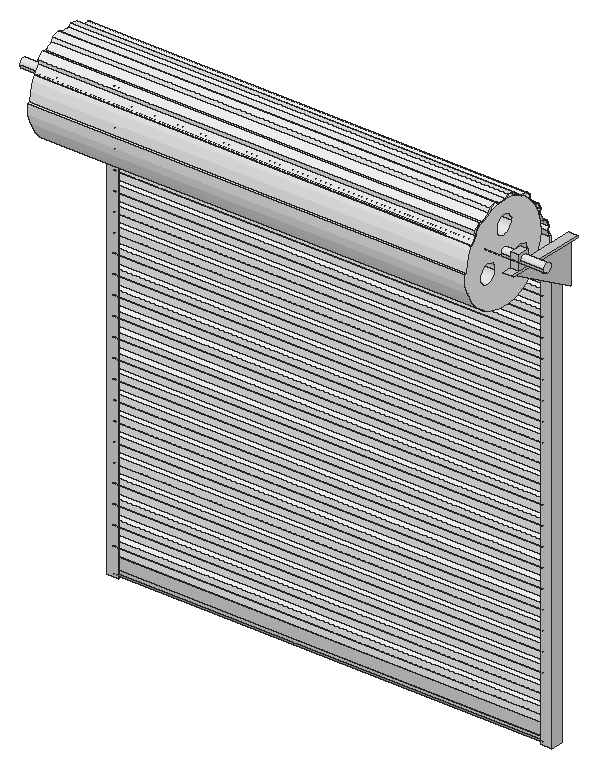
Revit family "Doors_Industrial_Wayne-Dalton_Commercial-Roll-Up-Door-Model-DS-200_", category Specialty Equipment, host Wall, Revit 2019
Family settings
  Host = Wall
  Round Connector Dimension = Use Diameter
  Part Type = Normal
  OmniClass Number = 23.30.10.21.34
  OmniClass Title = Industrial Doors
  Always vertical = Yes
  Cut with Voids When Loaded = No
  Shared = No
  Room Calculation Point = No
Parameters (values of type "‏​Manual push-up")
  Voltage = 0 V
  True Opening Width [instance] = Clear Width  # 72"
  True Opening Height [instance] = Clear Height  # 72"
  Square 3 [instance] = if(Hood 3, if(Curtain Option Real = 1, 1 = 1, 1 = 2), 1 = 2)  # no
  Square 2 [instance] = if(Hood 2, if(Curtain Option Real = 1, 1 = 1, 1 = 2), 1 = 2)  # no
  Square 1 [instance] = if(Hood 1, if(Curtain Option Real = 1, 1 = 1, 1 = 2), 1 = 2)  # yes
  Slat Height [instance] = if(Curtain Option Real = 1, 3 7/32" * 3, 3 41/256" * 3)  # 9 21/32"
  Round 3 [instance] = if(Hood 3, not(Square 3), 1 = 2)  # no
  Round 2 [instance] = if(Hood 2, not(Square 2), 1 = 2)  # no
  Round 1 [instance] = if(Hood 1, not(Square 1), 1 = 2)  # no
  Product Page URL = "https://www.wayne-dalton.com/roll-up-sheet-door-ds200"
  Slat Length [instance] = [Opening Width (Real)] + 1/4" * 2 + 1 77/256" * 2  # 75 13/128"
  Power Factor = 1
  Opening Width [instance] = 72"
  Opening Height [instance] = 72"
  Number of Poles = 1
  Motor Type [instance] = "GCL Wall mount operator"  # constant formula
  Min Opening Width [instance] = 48"  # constant formula
  Min Opening Height [instance] = 72"  # constant formula
  Max Opening Width [instance] = 192"  # constant formula
  Max Opening Height [instance] = 192"  # constant formula
  Manual = yes
  Hood 3 [instance] = if(Headroom Height = 21", 1 = 1, 1 = 2)  # no
  Hood 2 [instance] = if(Headroom Height = 19", 1 = 1, 1 = 2)  # no
  Hood 1 [instance] = if(Headroom Height = 17", 1 = 1, 1 = 2)  # yes
  Headroom Height [instance] = if([Opening Height (Real)] < 96 1/4", 17", if([Opening Height (Real)] < 120 1/4", 19", 21"))  # 17"
  Opening Width (Real) [instance] = if(Opening Width < Min Opening Width, Min Opening Width, if(Opening Width > Max Opening Width, Max Opening Width, Opening Width))  # 72"
  Opening Height (Real) [instance] = if(Opening Height < Min Opening Height, Min Opening Height, if(Opening Height > Max Opening Height, Max Opening Height, Opening Height))  # 72"
  URL = "https://www.wayne-dalton.com/"
  Product data url = "https://www.bimobject.com/wayne-dalton/product/roll-up-sheet-door-ds200"
  Product Guid = "bd1d096b-efcb-4041-8811-17ae4fc5e010"
  Model = "DS-200"  # constant formula
  Manufacturer = "Wayne Dalton"  # constant formula
  Wall Closure = By host
  Frequency = 0 Hz
  Floor To (CL) of Shaft [instance] = [Opening Height (Real)] + C + 1 1/2"  # 80 1/2"
  Finish Material = Metal - Wayne Dalton - Galvanized Steel
  Electrical Operator = no
  Description = "Model DS-200 Commercial Roll-Up Door (R-Value 4.0 with optional insulation)"  # constant formula
  Curtain Type [instance] = if(Curtain Option Real = 1, "Square Profile", "Round Profile")  # "Square Profile"
  Curtain Option Real [instance] = if(Curtain Option < 2, 1, 2)  # 1
  Curtain Option [instance] = 1
  Curtain Material [instance] = Steel - Wayne Dalton - White
  Current = 0 A
  Connection Offset Real [instance] = if(Ad Slat 2, Connection Offset - Ad Slat Height * 2, if(Ad Slat 1, Connection Offset - Ad Slat Height, Connection Offset))  # 5 95/256"
  Connection Offset [instance] = [Floor To (CL) of Shaft] - Array Length - 1 13/128" + 1/256"  # 11 207/256"
  Clear Width [instance] = [Opening Width (Real)]  # 72"
  Clear Height [instance] = [Opening Height (Real)]  # 72"
  Chain Hoist = no
  C [instance] = if([Opening Height (Real)] < 96 1/4", 7", if([Opening Height (Real)] < 120 1/4", 8", 9"))  # 7"
  Backroom Depth [instance] = Headroom Height + 3"  # 20"
  BR Shaft Distance [instance] = 11 1/2"  # constant formula
  Array Length [instance] = (Array) * Slat Height  # 67 19/32"
  Array [instance] = rounddown(([Floor To (CL) of Shaft] - 1 13/128" - 2 51/256") / Slat Height)  # 7
  Apparent Load Phase 1 = Current * Voltage  # 0 VA
  Ad Slat Height [instance] = if(Curtain Option Real = 1, 3 7/32", 3 41/256")  # 3 7/32"
  Ad Slat 2 [instance] = if(Connection Offset > Ad Slat Height * 2 + 2 51/256", 1 = 1, 1 = 2)  # yes
  Ad Slat 1 [instance] = if(Connection Offset > Ad Slat Height + 2 51/256", 1 = 1, 1 = 2)  # yes
  A [instance] = if(Manual, 5", if(Chain Hoist, 8", 9"))  # 5"
Reference planes (in)
  plane 1 "Center (Front/Back)": y = 0
  plane 2 "Center (Left/Right)": x = 0
  plane 3 "Exterior": y = 1.5
  plane 4 "Interior": y = -4.5
  plane 5: x = 36
  plane 6: x = -36
  plane 7: z = 72
  plane 8 "Top": z = 89
  plane 9 "Main": y = -5.75
  plane 10: y = -24.5
  plane 11 "Main Door Block": y = -4.5
  plane 12: z = 47.47
  plane 13 "Bottom Bar": z = 1.1046
  plane 14: x = 38.25
  plane 15: x = -38.25
  plane 16: y = -5.253
  plane 17: y = -6.048
  plane 18: z = 68.69835
  plane 19: z = 80.5
  plane 20: z = 10.76085
  plane 21: z = 71.9171
  plane 22: y = -16
  plane 23: x = 37.55078
  plane 24: x = -37.55078
Forms (in)
  Extrusion 1, solid, material "Steel - Wayne Dalton - White" <- "Curtain Material", visible <- "Square 1"
    sketch origin (0, -16, 80.5) x (0, 1, 0) y (0, 0, 1)
      loop
        line (9.35386, -0.98398) -> (9.952, -2.141) -> (9.952, -5.37109) -> (9.992, -5.37109) -> (9.992, -2.13127) -> (9.39876, -0.98372) -> (9.70567, -0.3725) -> (9.10863, 0.78239) -> (8.48605, 0.87724) -> (7.73642, 2.4142) -> (8.0119, 3.04619) -> (7.35309, 4.16698) -> (6.77504, 4.22317) -> (5.61691, 5.60807) -> (5.63407, 6.28783) -> (4.60189, 7.07829) -> (3.92065, 6.87579)
        arc (3.92065, 6.87579) -> (3.23374, 7.22433) -> (2.5162, 7.50445) r 7.915
        line (2.5162, 7.50445) -> (2.21341, 8.14743) -> (0.93628, 8.39066) -> (0.41835, 7.90399)
        arc (0.41835, 7.90399) -> (-0.35192, 7.90723) -> (-1.11886, 7.83558) r 7.915
        line (-1.11886, 7.83558) -> (-1.67798, 8.2743) -> (-2.92845, 7.91858) -> (-3.17293, 7.25125)
        arc (-3.17293, 7.25125) -> (-3.86368, 6.90796) -> (-4.51775, 6.49907) r 7.915
        line (-4.51775, 6.49907) -> (-5.21433, 6.64006) -> (-6.17196, 5.76076) -> (-6.09079, 5.05471)
        arc (-6.09079, 5.05471) -> (-6.55449, 4.43694) -> (-6.95576, 3.77691) r 7.915
        line (-6.95576, 3.77691) -> (-6.92515, 3.74945)
        arc (-6.92515, 3.74945) -> (-6.51925, 4.41764) -> (-6.0491, 5.04228) r 7.875
        line (-6.0491, 5.04228) -> (-6.12989, 5.74508) -> (-5.20229, 6.59681) -> (-4.50892, 6.45647)
        arc (-4.50892, 6.45647) -> (-3.84416, 6.87305) -> (-3.14125, 7.22143) r 7.875
        line (-3.14125, 7.22143) -> (-2.8979, 7.88568) -> (-1.68664, 8.23025) -> (-1.13009, 7.79355)
        arc (-1.13009, 7.79355) -> (-0.35014, 7.86727) -> (0.43327, 7.86313) r 7.875
        line (0.43327, 7.86313) -> (0.94882, 8.34755) -> (2.1859, 8.11194) -> (2.4873, 7.47193)
        arc (2.4873, 7.47193) -> (3.2174, 7.18782) -> (3.91565, 6.83257) r 7.875
        line (3.91565, 6.83257) -> (4.59376, 7.03414) -> (5.59357, 6.26846) -> (5.57655, 5.59404) -> (6.75491, 4.18494) -> (7.32893, 4.12914) -> (7.96709, 3.04349) -> (7.69237, 2.41326) -> (8.45929, 0.84085) -> (9.08246, 0.74591) -> (9.66077, -0.37276) -> (9.35386, -0.98398)
    from -37.55078 to 37.55078
  Extrusion 2, solid, material "Steel - Wayne Dalton - White" <- "Curtain Material", visible <- "Round 1"
    sketch origin (0, -16, 80.5) x (0, 1, 0) y (0, 0, 1)
      loop
        arc (9.74192, -1.45013) -> (9.70658, -1.67468) -> (9.90748, -1.78104) r 0.19562
        line (9.90748, -1.78104) -> (10.085, -2.141) -> (10.085, -5.37109) -> (10.133, -5.37109) -> (10.133, -2.12924) -> (9.93364, -1.725)
        arc (9.93364, -1.725) -> (9.75811, -1.66767) -> (9.77636, -1.48393) r 0.14737
        arc (9.77636, -1.48393) -> (9.89931, -0.71691) -> (9.21593, -0.34757) r 0.67117
        arc (9.21593, -0.34757) -> (9.05903, -0.2502) -> (9.1204, -0.07604) r 0.14737
        line (9.1204, -0.07604) -> (8.53591, 1.10908)
        arc (8.53591, 1.10908) -> (8.36035, 1.16644) -> (8.37862, 1.35023) r 0.1474
        arc (8.37862, 1.35023) -> (8.50168, 2.11855) -> (7.81692, 2.4881) r 0.67208
        arc (7.81692, 2.4881) -> (7.59514, 2.64042) -> (7.71928, 2.87912) r 0.20303
        arc (7.71928, 2.87912) -> (7.42224, 3.61978) -> (6.90343, 4.22612) r 2.45604
        arc (6.90343, 4.22612) -> (6.71156, 4.22906) -> (6.68519, 4.41913) r 0.1474
        arc (6.68519, 4.41913) -> (6.64936, 5.19511) -> (5.9051, 5.41757) r 0.67119
        arc (5.9051, 5.41757) -> (5.73414, 5.47703) -> (5.74981, 5.65736) r 0.14735
        arc (5.74981, 5.65736) -> (5.28391, 6.29572) -> (4.57984, 6.65467) r 1.70114
        arc (4.57984, 6.65467) -> (4.40364, 6.5959) -> (4.30983, 6.7562) r 0.1474
        arc (4.30983, 6.7562) -> (3.96148, 7.45051) -> (3.19107, 7.35102) r 0.67119
        arc (3.19107, 7.35102) -> (3.01095, 7.33565) -> (2.95149, 7.50636) r 0.14735
        arc (2.95149, 7.50636) -> (2.26649, 7.90055) -> (1.47729, 7.94267) r 1.70114
        arc (1.47729, 7.94267) -> (1.34043, 7.8168) -> (1.18925, 7.92506) r 0.1474
        arc (1.18925, 7.92506) -> (0.58862, 8.41766) -> (-0.07472, 8.01342) r 0.67119
        arc (-0.07472, 8.01342) -> (-0.23303, 7.92612) -> (-0.35677, 8.05793) r 0.14735
        arc (-0.35677, 8.05793) -> (-1.14283, 8.13939) -> (-1.88088, 7.85689) r 1.70114
        arc (-1.88088, 7.85689) -> (-1.95472, 7.68623) -> (-2.13686, 7.72365) r 0.1474
        arc (-2.13686, 7.72365) -> (-2.88593, 7.92937) -> (-3.3275, 7.29028) r 0.67119
        arc (-3.3275, 7.29028) -> (-3.43662, 7.14614) -> (-3.60327, 7.21622) r 0.14735
        arc (-3.60327, 7.21622) -> (-4.35451, 6.97093) -> (-4.91385, 6.41266) r 1.70114
        arc (-4.91385, 6.41266) -> (-4.9119, 6.22673) -> (-5.09351, 6.18683) r 0.1474
        arc (-5.09351, 6.18683) -> (-5.86149, 6.0701) -> (-6.00496, 5.30667) r 0.67119
        arc (-6.00496, 5.30667) -> (-6.04603, 5.13059) -> (-6.2268, 5.12686) r 0.14735
        arc (-6.2268, 5.12686) -> (-6.81327, 4.59725) -> (-7.09718, 3.85979) r 1.70114
        arc (-7.09718, 3.85979) -> (-7.01977, 3.69073) -> (-7.16946, 3.58041) r 0.1474
        line (-7.16946, 3.58041) -> (-7.16946, 3.53209)
        arc (-7.16946, 3.53209) -> (-6.97785, 3.66253) -> (-7.04529, 3.8843) r 0.19561
        arc (-7.04529, 3.8843) -> (-6.77295, 4.57141) -> (-6.2284, 5.07117) r 1.6532
        arc (-6.2284, 5.07117) -> (-6.00359, 5.10369) -> (-5.9611, 5.32683) r 0.19561
        arc (-5.9611, 5.32683) -> (-5.8279, 6.03538) -> (-5.11511, 6.14365) r 0.62293
        arc (-5.11511, 6.14365) -> (-4.88582, 6.18314) -> (-4.85649, 6.41395) r 0.19561
        arc (-4.85649, 6.41395) -> (-4.32818, 6.93092) -> (-3.62739, 7.16599) r 1.6532
        arc (-3.62739, 7.16599) -> (-3.40878, 7.10423) -> (-3.27919, 7.29081) r 0.19562
        arc (-3.27919, 7.29081) -> (-2.86934, 7.88394) -> (-2.17415, 7.69293) r 0.62291
        arc (-2.17415, 7.69293) -> (-1.94863, 7.63572) -> (-1.82791, 7.83461) r 0.19562
        arc (-1.82791, 7.83461) -> (-1.13501, 8.092) -> (-0.39919, 8.02169) r 1.65314
        arc (-0.39919, 8.02169) -> (-0.22454, 7.87656) -> (-0.03038, 7.99431) r 0.19562
        arc (-0.03038, 7.99431) -> (0.5853, 8.36944) -> (1.1427, 7.91217) r 0.62292
        arc (1.1427, 7.91217) -> (1.32545, 7.76819) -> (1.51662, 7.90077) r 0.19562
        arc (1.51662, 7.90077) -> (2.25437, 7.85408) -> (2.89801, 7.49052) r 1.65314
        arc (2.89801, 7.49052) -> (2.99855, 7.28693) -> (3.2238, 7.31553) r 0.19562
        arc (3.2238, 7.31553) -> (3.93884, 7.40781) -> (4.26206, 6.76336) r 0.62292
        arc (4.26206, 6.76336) -> (4.37019, 6.55761) -> (4.59864, 6.60044) r 0.19562
        arc (4.59864, 6.60044) -> (5.25386, 6.25826) -> (5.69444, 5.66472) r 1.65314
        arc (5.69444, 5.66472) -> (5.70296, 5.43757) -> (5.92056, 5.37183) r 0.19562
        arc (5.92056, 5.37183) -> (6.61131, 5.1653) -> (6.64447, 4.4451) r 0.62292
        arc (6.64447, 4.4451) -> (6.66416, 4.20792) -> (6.89831, 4.16529) r 0.19562
        arc (6.89831, 4.16529) -> (7.38087, 3.59309) -> (7.66415, 2.90025) r 2.40509
        arc (7.66415, 2.90025) -> (7.55829, 2.6074) -> (7.82249, 2.4426) r 0.24762
        arc (7.82249, 2.4426) -> (8.45927, 2.09867) -> (8.34445, 1.38411) r 0.62502
        arc (8.34445, 1.38411) -> (8.30895, 1.1596) -> (8.50974, 1.05307) r 0.19562
        line (8.50974, 1.05307) -> (9.06001, -0.06268)
        arc (9.06001, -0.06268) -> (9.02211, -0.28682) -> (9.22178, -0.39546) r 0.19562
        arc (9.22178, -0.39546) -> (9.85604, -0.73825) -> (9.74192, -1.45013) r 0.62292
    from -37.55078 to 37.55078
  Extrusion 3, solid, material "Steel - Wayne Dalton - White" <- "Curtain Material", visible <- "Square 2"
    sketch origin (0, -56.16387, 57.29048) x (0, 1, 0) y (0, 0, 1)
      loop
        line (50.15543, 21.0759) -> (49.8925, 21.94375) -> (50.27805, 22.45275) -> (49.90088, 23.69748) -> (49.2514, 23.92293) -> (48.89029, 25.11467) -> (49.30541, 25.6627) -> (48.92824, 26.90743) -> (48.27876, 27.13288) -> (47.28814, 28.58067) -> (47.41089, 29.2807) -> (46.5069, 30.21504) -> (45.80066, 30.11511)
        arc (45.80066, 30.11511) -> (44.98916, 30.70465) -> (44.11658, 31.1993) r 8.91406
        line (44.11658, 31.1993) -> (43.91454, 31.87913) -> (42.68864, 32.312) -> (42.10452, 31.90977)
        arc (42.10452, 31.90977) -> (41.11477, 32.07272) -> (40.11299, 32.12343) r 8.91406
        line (40.11299, 32.12343) -> (39.62749, 32.64042) -> (38.33766, 32.47745) -> (37.99601, 31.85595)
        arc (37.99601, 31.85595) -> (37.03832, 31.55766) -> (36.12021, 31.15365) r 8.91406
        line (36.12021, 31.15365) -> (35.4544, 31.39795) -> (34.3747, 30.67377) -> (34.3481, 29.96505)
        arc (34.3481, 29.96505) -> (33.62595, 29.26889) -> (32.98658, 28.49601) r 8.91406
        line (32.98658, 28.49601) -> (32.28193, 28.41572) -> (31.64174, 27.28418) -> (31.958, 26.59023) -> (31.97896, 26.64068) -> (31.68659, 27.28222) -> (32.30671, 28.37828) -> (33.0072, 28.4581)
        arc (33.0072, 28.4581) -> (33.6546, 29.24234) -> (34.38747, 29.94737) r 8.875
        line (34.38747, 29.94737) -> (34.41391, 30.6519) -> (35.45976, 31.35338) -> (36.12163, 31.11052)
        arc (36.12163, 31.11052) -> (37.05202, 31.52107) -> (38.02326, 31.8225) r 8.875
        line (38.02326, 31.8225) -> (38.3629, 32.44032) -> (39.61228, 32.59818) -> (40.09491, 32.08425)
        arc (40.09491, 32.08425) -> (41.11061, 32.03388) -> (42.11387, 31.86764) r 8.875
        line (42.11387, 31.86764) -> (42.69453, 32.2675) -> (43.882, 31.84819) -> (44.08285, 31.17239)
        arc (44.08285, 31.17239) -> (44.96804, 30.67179) -> (45.79016, 30.07322) r 8.875
        line (45.79016, 30.07322) -> (46.49232, 30.17258) -> (47.36797, 29.26753) -> (47.24579, 28.57073) -> (48.24655, 27.10126) -> (48.89603, 26.87581) -> (49.26122, 25.6706) -> (48.8461, 25.12257) -> (49.21919, 23.8913) -> (49.86867, 23.66586) -> (50.23386, 22.46065) -> (49.84831, 21.95166) -> (50.11587, 21.06852) -> (50.11587, 17.83842) -> (50.15543, 17.83842) -> (50.15543, 21.0759)
    from -37.55078 to 37.55078
  Extrusion 4, solid, material "Steel - Wayne Dalton - White" <- "Curtain Material", visible <- "Round 2"
    sketch origin (0, -57.87108, 57.29048) x (0, 1, 0) y (0, 0, 1)
      loop
        arc (51.61751, 22.14506) -> (51.54784, 21.92869) -> (51.72984, 21.7925) r 0.19562
        line (51.72984, 21.7925) -> (51.95608, 21.0682) -> (51.95608, 17.83842) -> (52.00408, 17.83842) -> (52.00408, 21.07637) -> (51.76436, 21.84382)
        arc (51.76436, 21.84382) -> (51.59982, 21.92763) -> (51.6463, 22.10634) r 0.14737
        arc (51.6463, 22.10634) -> (51.88651, 22.84508) -> (51.26854, 23.31576) r 0.67117
        arc (51.26854, 23.31576) -> (51.1286, 23.43624) -> (51.21619, 23.5988) r 0.14737
        line (51.21619, 23.5988) -> (50.82222, 24.86011)
        arc (50.82222, 24.86011) -> (50.65768, 24.94391) -> (50.70416, 25.12262) r 0.14737
        arc (50.70416, 25.12262) -> (50.94437, 25.86136) -> (50.32639, 26.33204) r 0.67117
        arc (50.32639, 26.33204) -> (50.18998, 26.43777) -> (50.2475, 26.60049) r 0.14737
        arc (50.2475, 26.60049) -> (50.03811, 27.42772) -> (49.53591, 28.11759) r 2.25136
        arc (49.53591, 28.11759) -> (49.34943, 28.13045) -> (49.3255, 28.31583) r 0.1474
        arc (49.3255, 28.31583) -> (49.27994, 29.0913) -> (48.53295, 29.30441) r 0.67119
        arc (48.53295, 29.30441) -> (48.36788, 29.35255) -> (48.36081, 29.52434) r 0.14735
        arc (48.36081, 29.52434) -> (47.89934, 30.26041) -> (47.11736, 30.63893) r 1.57183
        arc (47.11736, 30.63893) -> (46.94039, 30.58722) -> (46.8514, 30.7487) r 0.1474
        arc (46.8514, 30.7487) -> (46.51695, 31.44981) -> (45.74471, 31.36569) r 0.67119
        arc (45.74471, 31.36569) -> (45.5672, 31.35201) -> (45.50609, 31.51924) r 0.14735
        arc (45.50609, 31.51924) -> (44.81441, 31.99598) -> (43.97598, 32.0484) r 1.57183
        arc (43.97598, 32.0484) -> (43.83067, 31.93491) -> (43.68827, 32.05202) r 0.1474
        arc (43.68827, 32.05202) -> (43.11821, 32.57971) -> (42.43186, 32.21592) r 0.67119
        arc (42.43186, 32.21592) -> (42.27215, 32.13752) -> (42.1534, 32.27) r 0.14735
        arc (42.1534, 32.27) -> (41.33414, 32.4574) -> (40.53544, 32.19592) r 1.57183
        arc (40.53544, 32.19592) -> (40.44243, 32.03673) -> (40.2668, 32.09285) r 0.1474
        arc (40.2668, 32.09285) -> (39.54198, 32.37222) -> (39.03889, 31.78034) r 0.67119
        arc (39.03889, 31.78034) -> (38.92134, 31.64877) -> (38.76187, 31.72426) r 0.14735
        arc (38.76187, 31.72426) -> (37.93145, 31.59349) -> (37.28719, 31.05346) r 1.57183
        arc (37.28719, 31.05346) -> (37.26011, 30.87109) -> (37.07621, 30.85782) r 0.1474
        arc (37.07621, 30.85782) -> (36.29948, 30.84739) -> (36.05279, 30.1108) r 0.67119
        arc (36.05279, 30.1108) -> (35.99264, 29.94494) -> (35.81653, 29.95566) r 0.14735
        arc (35.81653, 29.95566) -> (35.09442, 29.52525) -> (34.6974, 28.78426) r 1.57183
        arc (34.6974, 28.78426) -> (34.74013, 28.60491) -> (34.57437, 28.52416) r 0.1474
        arc (34.57437, 28.52416) -> (33.85731, 28.22543) -> (33.90245, 27.44994) r 0.67119
        arc (33.90245, 27.44994) -> (33.90512, 27.26917) -> (33.73063, 27.22187) r 0.14735
        line (33.73063, 27.22187) -> (33.73063, 27.17065)
        arc (33.73063, 27.17065) -> (33.94944, 27.24815) -> (33.94016, 27.4801) r 0.19562
        arc (33.94016, 27.4801) -> (33.89832, 28.19985) -> (34.56388, 28.47701) r 0.62292
        arc (34.56388, 28.47701) -> (34.77685, 28.57067) -> (34.74964, 28.80173) r 0.19562
        arc (34.74964, 28.80173) -> (35.12977, 29.4944) -> (35.80552, 29.90386) r 1.52496
        arc (35.80552, 29.90386) -> (36.02942, 29.9118) -> (36.09901, 30.12476) r 0.19562
        arc (36.09901, 30.12476) -> (36.32802, 30.80839) -> (37.04892, 30.81797) r 0.62292
        arc (37.04892, 30.81797) -> (37.28145, 30.82564) -> (37.34218, 31.05023) r 0.19562
        arc (37.34218, 31.05023) -> (37.95278, 31.55169) -> (38.73237, 31.68027) r 1.52496
        arc (38.73237, 31.68027) -> (38.94315, 31.60433) -> (39.08699, 31.77609) r 0.19562
        arc (39.08699, 31.77609) -> (39.55396, 32.32539) -> (40.22664, 32.06601) r 0.62292
        arc (40.22664, 32.06601) -> (40.44533, 31.98661) -> (40.58528, 32.17246) r 0.19562
        arc (40.58528, 32.17246) -> (41.3381, 32.41065) -> (42.10913, 32.24041) r 1.52496
        arc (42.10913, 32.24041) -> (42.27573, 32.08807) -> (42.47498, 32.19418) r 0.19562
        arc (42.47498, 32.19418) -> (43.11202, 32.53177) -> (43.64103, 32.04194) r 0.62292
        arc (43.64103, 32.04194) -> (43.81482, 31.88727) -> (44.0136, 32.00817) r 0.19562
        arc (44.0136, 32.00817) -> (44.80077, 31.95109) -> (45.45399, 31.50814) r 1.52496
        arc (45.45399, 31.50814) -> (45.55221, 31.30473) -> (45.77673, 31.32955) r 0.19562
        arc (45.77673, 31.32955) -> (46.49346, 31.40757) -> (46.80378, 30.75681) r 0.62292
        arc (46.80378, 30.75681) -> (46.90804, 30.54883) -> (47.13744, 30.58763) r 0.19562
        arc (47.13744, 30.58763) -> (47.87059, 30.22323) -> (48.30962, 29.53219) r 1.52496
        arc (48.30962, 29.53219) -> (48.33674, 29.31446) -> (48.54898, 29.25886) r 0.19562
        arc (48.54898, 29.25886) -> (49.24226, 29.06102) -> (49.28445, 28.34129) r 0.62292
        arc (49.28445, 28.34129) -> (49.30264, 28.10935) -> (49.52974, 28.05884) r 0.19562
        arc (49.52974, 28.05884) -> (49.99777, 27.40332) -> (50.19908, 26.62343) r 2.20449
        arc (50.19908, 26.62343) -> (50.14791, 26.41143) -> (50.32476, 26.28382) r 0.19562
        arc (50.32476, 26.28382) -> (50.89831, 25.84697) -> (50.67537, 25.16134) r 0.62292
        arc (50.67537, 25.16134) -> (50.60569, 24.94497) -> (50.7877, 24.80879) r 0.19562
        line (50.7877, 24.80879) -> (51.1586, 23.62134)
        arc (51.1586, 23.62134) -> (51.08646, 23.40578) -> (51.26691, 23.26753) r 0.19562
        arc (51.26691, 23.26753) -> (51.84045, 22.83069) -> (51.61751, 22.14506) r 0.62292
    from -37.55078 to 37.55078
  Extrusion 5, solid, material "Steel - Wayne Dalton - White" <- "Curtain Material", visible <- "Square 3"
    sketch origin (0, -59.65075, 57.29048) x (0, 1, 0) y (0, 0, 1)
      loop
        line (53.60275, 21.68711) -> (53.60275, 17.83842) -> (53.64231, 17.83842) -> (53.64231, 21.66731) -> (54.12359, 22.04495) -> (54.07546, 23.34469) -> (53.58876, 23.67149) -> (53.40284, 24.99443) -> (53.84024, 25.57052) -> (53.46466, 26.81517) -> (52.79076, 27.04995)
        arc (52.79076, 27.04995) -> (52.45025, 27.77651) -> (52.05211, 28.47315) r 9.91406
        line (52.05211, 28.47315) -> (52.24463, 29.15794) -> (51.43893, 30.17826) -> (50.73034, 30.14984)
        arc (50.73034, 30.14984) -> (50.14551, 30.69996) -> (49.51808, 31.20096) r 9.91406
        line (49.51808, 31.20096) -> (49.44443, 31.90847) -> (48.31918, 32.55964) -> (47.67104, 32.27185)
        arc (47.67104, 32.27185) -> (46.92404, 32.56763) -> (46.15555, 32.80194) r 9.91406
        line (46.15555, 32.80194) -> (45.82605, 33.43237) -> (44.53994, 33.62242) -> (44.04371, 33.11579)
        arc (44.04371, 33.11579) -> (43.24029, 33.11508) -> (42.43956, 33.04932) r 9.91406
        line (42.43956, 33.04932) -> (41.90071, 33.51369) -> (40.63522, 33.2158) -> (40.36093, 32.56183)
        arc (40.36093, 32.56183) -> (39.61445, 32.26473) -> (38.89449, 31.90817) r 9.91406
        line (38.89449, 31.90817) -> (38.22232, 32.14096) -> (37.15602, 31.39717) -> (37.14238, 30.68814)
        arc (37.14238, 30.68814) -> (36.55783, 30.13621) -> (36.01992, 29.53874) r 9.91406
        line (36.01992, 29.53874) -> (35.30929, 29.50703) -> (34.59278, 28.42221) -> (34.84177, 27.7582)
        arc (34.84177, 27.7582) -> (34.50238, 27.02998) -> (34.22307, 26.27668) r 9.91406
        line (34.22307, 26.27668) -> (33.57428, 25.985) -> (33.30858, 24.71236) -> (33.78604, 24.18593) -> (33.84004, 24.18593) -> (33.3519, 24.72414) -> (33.60927, 25.95687) -> (34.25449, 26.24695)
        arc (34.25449, 26.24695) -> (34.53843, 27.01495) -> (34.88502, 27.75678) r 9.875
        line (34.88502, 27.75678) -> (34.63739, 28.41718) -> (35.33144, 29.46798) -> (36.03816, 29.49952)
        arc (36.03816, 29.49952) -> (36.58579, 30.10893) -> (37.18206, 30.67086) r 9.875
        line (37.18206, 30.67086) -> (37.19562, 31.37602) -> (38.22849, 32.09649) -> (38.89696, 31.86498)
        arc (38.89696, 31.86498) -> (39.63037, 32.22906) -> (40.39143, 32.53113) r 9.875
        line (40.39143, 32.53113) -> (40.66422, 33.18153) -> (41.89004, 33.47008) -> (42.42593, 33.00826)
        arc (42.42593, 33.00826) -> (43.24192, 33.07605) -> (44.06073, 33.076) r 9.875
        line (44.06073, 33.076) -> (44.55425, 33.57987) -> (45.80004, 33.39578) -> (46.12773, 32.76882)
        arc (46.12773, 32.76882) -> (46.91116, 32.53075) -> (47.67218, 32.22859) r 9.875
        line (47.67218, 32.22859) -> (48.31679, 32.51481) -> (49.40676, 31.88406) -> (49.48, 31.18043)
        arc (49.48, 31.18043) -> (50.11993, 30.67044) -> (50.71544, 30.10921) r 9.875
        line (50.71544, 30.10921) -> (51.42017, 30.13748) -> (52.20061, 29.14915) -> (52.00914, 28.46812)
        arc (52.00914, 28.46812) -> (52.4156, 27.75848) -> (52.76195, 27.01763) r 9.875
        line (52.76195, 27.01763) -> (53.43225, 26.7841) -> (53.79606, 25.57848) -> (53.36171, 25.00641) -> (53.55277, 23.64695) -> (54.03627, 23.3223) -> (54.08286, 22.06384) -> (53.60275, 21.68711)
    from -37.55078 to 37.55078
  Extrusion 6, solid, material "Steel - Wayne Dalton - White" <- "Curtain Material", visible <- "Round 3"
    sketch origin (0, -59.65075, 57.29048) x (0, 1, 0) y (0, 0, 1)
      loop
        arc (53.7129, 21.9521) -> (53.58659, 21.75701) -> (53.73587, 21.57889) r 0.19562
        line (53.73587, 21.57889) -> (53.73587, 17.83842) -> (53.78387, 17.83842) -> (53.78387, 21.62168)
        arc (53.78387, 21.62168) -> (53.63704, 21.74164) -> (53.72991, 21.90694) r 0.14737
        arc (53.72991, 21.90694) -> (54.16437, 22.55089) -> (53.70001, 23.17363) r 0.67117
        arc (53.70001, 23.17363) -> (53.5987, 23.32801) -> (53.72768, 23.46014) r 0.14737
        line (53.72768, 23.46014) -> (53.64168, 24.92982)
        arc (53.64168, 24.92982) -> (53.45694, 24.99718) -> (53.50354, 25.18822) r 0.1474
        arc (53.50354, 25.18822) -> (53.77164, 25.91729) -> (53.17202, 26.41113) r 0.67119
        arc (53.17202, 26.41113) -> (53.03728, 26.53376) -> (53.12471, 26.6936) r 0.14735
        arc (53.12471, 26.6936) -> (52.91666, 27.32315) -> (52.59853, 27.90488) r 3.66302
        arc (52.59853, 27.90488) -> (52.41152, 27.93125) -> (52.40396, 28.11996) r 0.1474
        arc (52.40396, 28.11996) -> (52.43364, 28.89619) -> (51.71077, 29.18058) r 0.67119
        arc (51.71077, 29.18058) -> (51.54149, 29.26217) -> (51.59002, 29.44371) r 0.14735
        arc (51.59002, 29.44371) -> (51.19833, 29.97806) -> (50.71679, 30.43311) r 3.66302
        arc (50.71679, 30.43311) -> (50.53075, 30.40058) -> (50.46542, 30.57778) r 0.1474
        arc (50.46542, 30.57778) -> (50.25452, 31.32541) -> (49.47919, 31.37326) r 0.67119
        arc (49.47919, 31.37326) -> (49.29297, 31.39878) -> (49.28333, 31.58649) r 0.14735
        arc (49.28333, 31.58649) -> (48.74643, 31.97383) -> (48.14858, 32.25821) r 3.66302
        arc (48.14858, 32.25821) -> (47.9816, 32.16996) -> (47.86487, 32.31843) r 0.1474
        arc (47.86487, 32.31843) -> (47.43397, 32.96476) -> (46.68159, 32.7715) r 0.67119
        arc (46.68159, 32.7715) -> (46.49982, 32.73663) -> (46.42736, 32.90695) r 0.14735
        arc (46.42736, 32.90695) -> (45.79811, 33.11086) -> (45.14244, 33.19827) r 3.66302
        arc (45.14244, 33.19827) -> (45.01053, 33.06311) -> (44.85393, 33.16869) r 0.1474
        arc (44.85393, 33.16869) -> (44.24573, 33.65193) -> (43.58874, 33.23746) r 0.67119
        arc (43.58874, 33.23746) -> (43.42162, 33.14953) -> (43.30523, 33.29824) r 0.14735
        arc (43.30523, 33.29824) -> (42.6436, 33.29738) -> (41.99292, 33.17751) r 3.66302
        arc (41.99292, 33.17751) -> (41.90933, 33.00815) -> (41.72774, 33.06006) r 0.1474
        arc (41.72774, 33.06006) -> (40.99982, 33.33128) -> (40.50341, 32.73379) r 0.67119
        arc (40.50341, 32.73379) -> (40.37655, 32.59902) -> (40.21803, 32.69457) r 0.14735
        arc (40.21803, 32.69457) -> (39.58865, 32.49106) -> (39.00613, 32.17768) r 3.66302
        arc (39.00613, 32.17768) -> (38.97844, 31.99085) -> (38.78968, 31.98463) r 0.1474
        arc (38.78968, 31.98463) -> (38.01367, 32.01981) -> (37.72418, 31.29897) r 0.67119
        arc (37.72418, 31.29897) -> (37.6347, 31.12746) -> (37.45247, 31.19237) r 0.14735
        arc (37.45247, 31.19237) -> (36.91537, 30.80572) -> (36.45661, 30.32874) r 3.66302
        arc (36.45661, 30.32874) -> (36.48748, 30.14241) -> (36.3097, 30.07866) r 0.1474
        arc (36.3097, 30.07866) -> (35.56023, 29.87443) -> (35.50548, 29.09956) r 0.67119
        arc (35.50548, 29.09956) -> (35.48103, 28.91609) -> (35.29654, 28.90126) r 0.14735
        arc (35.29654, 28.90126) -> (34.90398, 28.36887) -> (34.61358, 27.77456) r 3.66302
        arc (34.61358, 27.77456) -> (34.70005, 27.60665) -> (34.55035, 27.4915) r 0.1474
        arc (34.55035, 27.4915) -> (33.89948, 27.06748) -> (34.08475, 26.3131) r 0.67119
        arc (34.08475, 26.3131) -> (34.1218, 26.13908) -> (33.96434, 26.05625) r 0.14735
        line (33.96434, 26.05625) -> (33.98223, 26.00611)
        arc (33.98223, 26.00611) -> (34.17063, 26.13048) -> (34.11635, 26.3496) r 0.19562
        arc (34.11635, 26.3496) -> (33.94446, 27.04977) -> (34.54859, 27.44323) r 0.62292
        arc (34.54859, 27.44323) -> (34.741, 27.57402) -> (34.67228, 27.79629) r 0.19562
        arc (34.67228, 27.79629) -> (34.94488, 28.34591) -> (35.30647, 28.84153) r 3.61614
        arc (35.30647, 28.84153) -> (35.52876, 28.89638) -> (35.54674, 29.12463) r 0.19562
        arc (35.54674, 29.12463) -> (35.59762, 29.84379) -> (36.29324, 30.03325) r 0.62292
        arc (36.29324, 30.03325) -> (36.51647, 30.09881) -> (36.51914, 30.33144) r 0.19562
        arc (36.51914, 30.33144) -> (36.9453, 30.76963) -> (37.43918, 31.12978) r 3.61614
        arc (37.43918, 31.12978) -> (37.67431, 31.09274) -> (37.77114, 31.31019) r 0.19562
        arc (37.77114, 31.31019) -> (38.03988, 31.97919) -> (38.7601, 31.94645) r 0.62292
        arc (38.7601, 31.94645) -> (38.99267, 31.94046) -> (39.06649, 32.1611) r 0.19562
        arc (39.06649, 32.1611) -> (39.60848, 32.44856) -> (40.19127, 32.64026) r 3.61614
        arc (40.19127, 32.64026) -> (40.40382, 32.55516) -> (40.55155, 32.73008) r 0.19562
        arc (40.55155, 32.73008) -> (41.01233, 33.28459) -> (41.68788, 33.03277) r 0.62292
        arc (41.68788, 33.03277) -> (41.90744, 32.95582) -> (42.0453, 33.14323) r 0.19562
        arc (42.0453, 33.14323) -> (42.64828, 33.25073) -> (43.26075, 33.25493) r 3.61614
        arc (43.26075, 33.25493) -> (43.43376, 33.09886) -> (43.63337, 33.21903) r 0.19562
        arc (43.63337, 33.21903) -> (44.24317, 33.60366) -> (44.80758, 33.15508) r 0.62292
        arc (44.80758, 33.15508) -> (44.99254, 33.01394) -> (45.18164, 33.14947) r 0.19562
        arc (45.18164, 33.14947) -> (45.78927, 33.0648) -> (46.37385, 32.87862) r 3.61614
        arc (46.37385, 32.87862) -> (46.49622, 32.68512) -> (46.71843, 32.74028) r 0.19562
        arc (46.71843, 32.74028) -> (47.41674, 32.9196) -> (47.81659, 32.31967) r 0.62292
        arc (47.81659, 32.31967) -> (47.94941, 32.12866) -> (48.17094, 32.19974) r 0.19562
        arc (48.17094, 32.19974) -> (48.72315, 31.93315) -> (49.22237, 31.57708) r 3.61614
        arc (49.22237, 31.57708) -> (49.27329, 31.35067) -> (49.50463, 31.33222) r 0.19562
        arc (49.50463, 31.33222) -> (50.22422, 31.28775) -> (50.41987, 30.59384) r 0.62292
        arc (50.41987, 30.59384) -> (50.4874, 30.37121) -> (50.72006, 30.3706) r 0.19562
        arc (50.72006, 30.3706) -> (51.16365, 29.94651) -> (51.52915, 29.45352) r 3.61614
        arc (51.52915, 29.45352) -> (51.50795, 29.22247) -> (51.72232, 29.1337) r 0.19562
        arc (51.72232, 29.1337) -> (52.39321, 28.8697) -> (52.36557, 28.14927) r 0.62292
        arc (52.36557, 28.14927) -> (52.36123, 27.91666) -> (52.58238, 27.84441) r 0.19562
        arc (52.58238, 27.84441) -> (52.87461, 27.30231) -> (53.0706, 26.71849) r 3.61614
        arc (53.0706, 26.71849) -> (52.99398, 26.50614) -> (53.16852, 26.36297) r 0.19562
        arc (53.16852, 26.36297) -> (53.725, 25.90458) -> (53.47608, 25.22795) r 0.62292
        arc (53.47608, 25.22795) -> (53.40165, 25.00328) -> (53.59815, 24.87135) r 0.19562
        line (53.59815, 24.87135) -> (53.67853, 23.49768)
        arc (53.67853, 23.49768) -> (53.54979, 23.31034) -> (53.68516, 23.12772) r 0.19562
        arc (53.68516, 23.12772) -> (54.11613, 22.54976) -> (53.7129, 21.9521) r 0.62292
    from -37.55078 to 37.55078
Lines and regions (in)
  Opening 1
    outline origin (-90, -4.5, 0) x (1, 0, 0) y (0, 0, 1)
      loop
        line (54, 0) -> (126, 0) -> (126, 72) -> (54, 72) -> (54, 0)
  reference lines
    curve 1: line (0, -16, 80.5) -> (0, -16, 91)
    curve 2: line (0, -16, 80.5) -> (0, -7, 80.5)
    curve 3: line (0, -16, 78.359) -> (0, -7, 78.359)
Text (in)
  text "Exterior" at (-74.96733, 27.31104, 0), in view "Ref. Level"
  text "Interior" at (-74.96733, -25.14366, 0), in view "Ref. Level"
  text "Exterior" at (0, 40.15149, 123.01588), in view "Right"
  text "Interior" at (0, -64.39139, 123.01588), in view "Right"
  text "Interior" at (0, -31.01599, 123.00693), in view "Left"
  text "Exterior" at (0, 54.57065, 123.00693), in view "Left"
Dimensions and locks (in)
  level to host wall = 459.59655"
  "Opening Height (Real)": level to plane 7
  plane 6 to plane 2 "Center (Left/Right)" to plane 5 = 36", 36"
  "Headroom Height": plane 7 to plane 8 "Top"
  locked: plane 11 "Main Door Block" to plane 9 "Main" at 1.25
  locked: plane 1 "Center (Front/Back)" to plane 4 "Interior" at 4.5
  locked: plane 6 to plane 15 at 2.25
  locked: plane 14 to plane 5 at 2.25
  locked: plane 3 "Exterior" to plane 1 "Center (Front/Back)" at 1.5
  equal spacing: plane 5, plane 2 "Center (Left/Right)", plane 6
  locked: plane 16 to plane 9 "Main" at 0.497
  "Opening Width (Real)": plane 5 to plane 6
  "Backroom Depth": plane 10 to plane 4 "Interior"
  locked: plane 9 "Main" to plane 17 at 0.298
  plane 17 to plane 9 "Main" = 0.298"
  locked: plane 13 "Bottom Bar" to level at 1.1046
  "Array Length": plane 18 to plane 13 "Bottom Bar"
  "Floor To (CL) of Shaft": plane 19 to level
  "Slat Height": plane 20 to plane 13 "Bottom Bar"
  equal spacing: group 1, group 2, group 3, group 4, group 5, group 6, group 7  (x3)
  "Ad Slat Height": plane 21 to plane 18
  plane 17 to plane 11 "Main Door Block" = 1.548"
  plane 11 "Main Door Block" to nested 1 = 1.548"
  nested 1 to nested 1 = 0.13312"
  "BR Shaft Distance": plane 22 to plane 11 "Main Door Block"
  locked: Extrusion 2 sketch curve to Extrusion 2 sketch curve at 0.04825
  locked: Extrusion 3 sketch curve to Extrusion 3 sketch curve at 0.03956
  locked: Extrusion 3 sketch curve to Extrusion 3 sketch curve at 0.04  (x3)
  locked: Extrusion 4 sketch curve to Extrusion 4 sketch curve at 0.04825
  locked: Extrusion 4 sketch curve to Extrusion 4 sketch curve at 0.048
  locked: Extrusion 5 sketch curve to Extrusion 5 sketch curve at 0.03956
  locked: Extrusion 6 sketch curve to Extrusion 6 sketch curve at 0.048
  locked: Extrusion 5 sketch curve to Extrusion 5 sketch curve at 0.04  (x2)
  locked: curve 1 to curve 1 at 10.5
  locked: curve 2 to curve 2 at 9
  locked: plane 19 to curve 3 at 2.141
  locked: curve 3 to curve 3 at 9
  equal spacing: plane 24, plane 2 "Center (Left/Right)", plane 23
  "Slat Length": plane 24 to plane 23
  "Connection Offset Real": Extrusion 2 sketch curve to curve 2
  "Connection Offset Real": Extrusion 1 sketch curve to curve 2
  "Connection Offset Real": Extrusion 3 sketch curve to curve 2
  "Connection Offset Real": Extrusion 4 sketch curve to curve 2
  locked: Extrusion 2 sketch curve to curve 2 at 2.141
  "Connection Offset Real": Extrusion 5 sketch curve to curve 2
  "Connection Offset Real": Extrusion 6 sketch curve to curve 2
  locked: Extrusion 4 sketch curve to curve 2 at 2.14131
  aligned and locked: Opening 1 sketch curve to level
  aligned and locked: plane 3 "Exterior" to host wall
  aligned and locked: host wall to plane 4 "Interior"
  aligned and locked: plane 6 to Opening 1 sketch curve
  aligned and locked: plane 5 to Opening 1 sketch curve
  aligned and locked: Opening 1 sketch curve to plane 7
  aligned and locked: plane 11 "Main Door Block" to plane 4 "Interior"
  aligned and locked: plane 13 "Bottom Bar" to nested 1
  aligned and locked: plane 20 to nested 2
  aligned and locked: plane 17 to nested 1
  aligned and locked: plane 17 to nested 2
  aligned and locked: plane 2 "Center (Left/Right)" to nested 1
  aligned and locked: plane 2 "Center (Left/Right)" to nested 2
  aligned and locked: plane 22 to nested 8
  aligned and locked: plane 19 to nested 8
  aligned and locked: nested 9 to plane 2 "Center (Left/Right)"
  aligned and locked: plane 11 "Main Door Block" to nested 9
  aligned and locked: level to nested 9
  aligned and locked: plane 17 to nested 10
  aligned and locked: plane 18 to nested 10
  aligned and locked: plane 2 "Center (Left/Right)" to nested 10
  aligned and locked: Extrusion 2 sketch curve to Extrusion 2 sketch curve  (x2)
  aligned and locked: Extrusion 4 sketch curve to Extrusion 4 sketch curve  (x2)
  aligned and locked: Extrusion 3 sketch curve to Extrusion 3 sketch curve  (x2)
  aligned and locked: curve 1 to plane 22
  aligned and locked: plane 19 to curve 1
  aligned and locked: curve 2 to curve 1
  aligned and locked: plane 22 to curve 3
  aligned and locked: Extrusion 2 to plane 24
  aligned and locked: Extrusion 1 to plane 24
  aligned and locked: Extrusion 4 to plane 24
  aligned and locked: Extrusion 6 to plane 24
  aligned and locked: Extrusion 5 to plane 24
  aligned and locked: Extrusion 3 to plane 24
  aligned and locked: plane 23 to Extrusion 6
  aligned and locked: plane 23 to Extrusion 5
  aligned and locked: plane 23 to Extrusion 3
  aligned and locked: plane 23 to Extrusion 4
  aligned and locked: plane 23 to Extrusion 2
  aligned and locked: plane 23 to Extrusion 1
  aligned and locked: plane 5 to nested 8
Automatic sketch dimensions
  curve 1 to curve 2 = 0"
  Extrusion 1 sketch curve to Extrusion 1 sketch curve = 0"  (x14)
  Extrusion 1 sketch curve to curve 2 = 0"
  curve 2 to Extrusion 1 sketch curve = 0.00006"
  Extrusion 1 sketch curve to curve 2 = 1.11886"
  Extrusion 1 sketch curve to Extrusion 1 sketch curve = 0.01123"
  Extrusion 1 sketch curve to Extrusion 1 sketch curve = 0.55912"
  Extrusion 1 sketch curve to Extrusion 1 sketch curve = 0.00866"
  Extrusion 1 sketch curve to Extrusion 1 sketch curve = 1.21126"
  Extrusion 1 sketch curve to Extrusion 1 sketch curve = 0.03055"
  Extrusion 1 sketch curve to Extrusion 1 sketch curve = 0.24335"
  Extrusion 1 sketch curve to Extrusion 1 sketch curve = 0.03167"
  Extrusion 1 sketch curve to Extrusion 1 sketch curve = 1.33599"
  Extrusion 1 sketch curve to Extrusion 1 sketch curve = 0.00883"
  Extrusion 1 sketch curve to Extrusion 1 sketch curve = 0.68454"
  Extrusion 1 sketch curve to Extrusion 1 sketch curve = 0.01204"
  Extrusion 1 sketch curve to Extrusion 1 sketch curve = 0.84681"
  Extrusion 1 sketch curve to Extrusion 1 sketch curve = 0.04169"
  Extrusion 1 sketch curve to Extrusion 1 sketch curve = 0.0391"
  Extrusion 1 sketch curve to Extrusion 1 sketch curve = 0.04207"
  Extrusion 1 sketch curve to curve 2 = 3.74945"
  Extrusion 1 sketch curve to Extrusion 1 sketch curve = 0.83436"
  Extrusion 1 sketch curve to curve 2 = 3.77691"
  Extrusion 1 sketch curve to Extrusion 1 sketch curve = 0.03061"
  curve 2 to Extrusion 1 sketch curve = 0.41835"
  Extrusion 1 sketch curve to Extrusion 1 sketch curve = 0.01492"
  Extrusion 1 sketch curve to Extrusion 1 sketch curve = 0.51794"
  Extrusion 1 sketch curve to Extrusion 1 sketch curve = 0.01254"
  Extrusion 1 sketch curve to Extrusion 1 sketch curve = 1.23708"
  Extrusion 1 sketch curve to Extrusion 1 sketch curve = 0.0275"
  Extrusion 1 sketch curve to Extrusion 1 sketch curve = 0.3014"
  Extrusion 1 sketch curve to Extrusion 1 sketch curve = 0.0289"
  Extrusion 1 sketch curve to Extrusion 1 sketch curve = 1.39945"
  Extrusion 1 sketch curve to Extrusion 1 sketch curve = 0.005"
  Extrusion 1 sketch curve to Extrusion 1 sketch curve = 0.67311"
  Extrusion 1 sketch curve to Extrusion 1 sketch curve = 0.00814"
  Extrusion 1 sketch curve to Extrusion 1 sketch curve = 0.98279"
  Extrusion 1 sketch curve to Extrusion 1 sketch curve = 0.01702"
  Extrusion 1 sketch curve to Extrusion 1 sketch curve = 0.04037"
  Extrusion 1 sketch curve to Extrusion 1 sketch curve = 0.0405"
  Extrusion 1 sketch curve to Extrusion 1 sketch curve = 1.138"
  Extrusion 1 sketch curve to Extrusion 1 sketch curve = 0.02013"
  Extrusion 1 sketch curve to Extrusion 1 sketch curve = 0.55389"
  Extrusion 1 sketch curve to Extrusion 1 sketch curve = 0.02416"
  Extrusion 1 sketch curve to curve 2 = 1.30763"
  Extrusion 1 sketch curve to Extrusion 1 sketch curve = 0.04405"  (x2)
  Extrusion 1 sketch curve to Extrusion 1 sketch curve = 0.23067"
  Extrusion 1 sketch curve to Extrusion 1 sketch curve = 0.04481"
  Extrusion 1 sketch curve to curve 2 = 0.54071"
  Extrusion 1 sketch curve to Extrusion 1 sketch curve = 0.02676"
  curve 2 to Extrusion 1 sketch curve = 0.08246"
  Extrusion 1 sketch curve to Extrusion 1 sketch curve = 0.02617"
  curve 2 to Extrusion 1 sketch curve = 0.35386"
  Extrusion 1 sketch curve to Extrusion 1 sketch curve = 0.04489"  (x2)
  curve 2 to Extrusion 1 sketch curve = 0.66077"
  curve 2 to Extrusion 1 sketch curve = 0.952"
  Extrusion 1 sketch curve to Extrusion 1 sketch curve = 0.04"
  curve 2 to Extrusion 1 sketch curve = 0.3725"
  Extrusion 1 sketch curve to Extrusion 1 sketch curve = 0.00026"  (x2)
  Extrusion 1 sketch curve to curve 2 = 0.98372"
  Extrusion 1 sketch curve to curve 2 = 2.13127"
  Extrusion 1 sketch curve to Extrusion 1 sketch curve = 0.00973"
  curve 2 to Extrusion 1 sketch curve = 0.74591"
  Extrusion 1 sketch curve to Extrusion 1 sketch curve = 0.03647"
  curve 2 to Extrusion 1 sketch curve = 0.84085"
  Extrusion 1 sketch curve to Extrusion 1 sketch curve = 0.03638"
  curve 2 to Extrusion 1 sketch curve = 2.41326"
  Extrusion 1 sketch curve to Extrusion 1 sketch curve = 0.00094"
  Extrusion 1 sketch curve to Extrusion 1 sketch curve = 0.62929"
  Extrusion 1 sketch curve to Extrusion 1 sketch curve = 0.0027"
  Extrusion 1 sketch curve to Extrusion 1 sketch curve = 1.08565"
  Extrusion 1 sketch curve to Extrusion 1 sketch curve = 0.03784"
  Extrusion 1 sketch curve to Extrusion 1 sketch curve = 0.0558"
  Extrusion 1 sketch curve to Extrusion 1 sketch curve = 0.03823"
  Extrusion 1 sketch curve to Extrusion 1 sketch curve = 1.37087"
  Extrusion 1 sketch curve to Extrusion 1 sketch curve = 0.01403"
  Extrusion 1 sketch curve to Extrusion 1 sketch curve = 0.69037"
  Extrusion 1 sketch curve to Extrusion 1 sketch curve = 0.01568"
  Extrusion 1 sketch curve to Extrusion 1 sketch curve = 0.66039"
  Extrusion 1 sketch curve to Extrusion 1 sketch curve = 0.01937"
  Extrusion 1 sketch curve to Extrusion 1 sketch curve = 0.71139"
  Extrusion 1 sketch curve to Extrusion 1 sketch curve = 0.0426"
  Extrusion 1 sketch curve to Extrusion 1 sketch curve = 0.09774"
  Extrusion 1 sketch curve to Extrusion 1 sketch curve = 0.04325"
  Extrusion 1 sketch curve to Extrusion 1 sketch curve = 0.56411"
  Extrusion 1 sketch curve to Extrusion 1 sketch curve = 0.04322"
  Extrusion 1 sketch curve to Extrusion 1 sketch curve = 0.15835"
  Extrusion 1 sketch curve to Extrusion 1 sketch curve = 0.04415"
  curve 2 to Extrusion 1 sketch curve = 7.79355"
  Extrusion 1 sketch curve to Extrusion 1 sketch curve = 0.04203"
  Extrusion 1 sketch curve to Extrusion 1 sketch curve = 0.63443"
  Extrusion 1 sketch curve to Extrusion 1 sketch curve = 0.0329"
  Extrusion 1 sketch curve to Extrusion 1 sketch curve = 0.60749"
  Extrusion 1 sketch curve to Extrusion 1 sketch curve = 0.03548"
  Extrusion 1 sketch curve to Extrusion 1 sketch curve = 0.39468"
  Extrusion 1 sketch curve to Extrusion 1 sketch curve = 0.44356"
  Extrusion 1 sketch curve to Extrusion 1 sketch curve = 0.04311"
  Extrusion 2 sketch curve to Extrusion 2 sketch curve = 0"  (x42)
  Extrusion 2 sketch curve to curve 2 = 3.58041"
  Extrusion 2 sketch curve to curve 2 = 7.16946"
  Extrusion 2 sketch curve to Extrusion 2 sketch curve = 0.00699"
  Extrusion 2 sketch curve to Extrusion 2 sketch curve = 0.00014"
  Extrusion 2 sketch curve to Extrusion 2 sketch curve = 1.02352"
  Extrusion 2 sketch curve to Extrusion 2 sketch curve = 1.7512"
  Extrusion 2 sketch curve to Extrusion 2 sketch curve = 0.00005"  (x4)
  Extrusion 2 sketch curve to Extrusion 2 sketch curve = 0.74355"
  Extrusion 2 sketch curve to Extrusion 2 sketch curve = 0.00003"  (x7)
  Extrusion 2 sketch curve to Extrusion 2 sketch curve = 0.368"
  Extrusion 2 sketch curve to Extrusion 2 sketch curve = 0.00009"
  Extrusion 2 sketch curve to Extrusion 2 sketch curve = 1.55232"
  Extrusion 2 sketch curve to Extrusion 2 sketch curve = 1.56181"
  Extrusion 2 sketch curve to Extrusion 2 sketch curve = 0.81843"
  Extrusion 2 sketch curve to Extrusion 2 sketch curve = 0.63359"
  Extrusion 2 sketch curve to Extrusion 2 sketch curve = 0.00006"  (x2)
  Extrusion 2 sketch curve to curve 2 = 0.92037"
  Extrusion 2 sketch curve to curve 2 = 0.21007"
  curve 2 to Extrusion 2 sketch curve = 0.5418"
  Extrusion 2 sketch curve to Extrusion 2 sketch curve = 0.7896"
  Extrusion 2 sketch curve to Extrusion 2 sketch curve = 0.45231"
  Extrusion 2 sketch curve to Extrusion 2 sketch curve = 1.30739"
  Extrusion 2 sketch curve to Extrusion 2 sketch curve = 0.55523"
  Extrusion 2 sketch curve to Extrusion 2 sketch curve = 0.00004"  (x2)
  Extrusion 2 sketch curve to Extrusion 2 sketch curve = 0.53401"
  Extrusion 2 sketch curve to Extrusion 2 sketch curve = 0.80903"
  Extrusion 2 sketch curve to Extrusion 2 sketch curve = 0.00011"
  Extrusion 2 sketch curve to Extrusion 2 sketch curve = 1.14113"
  Extrusion 2 sketch curve to Extrusion 2 sketch curve = 0.00194"
  Extrusion 2 sketch curve to Extrusion 2 sketch curve = 1.67745"
  Extrusion 2 sketch curve to Extrusion 2 sketch curve = 0.26261"
  Extrusion 2 sketch curve to Extrusion 2 sketch curve = 0.68857"
  Extrusion 2 sketch curve to Extrusion 2 sketch curve = 0.00017"  (x2)
  Extrusion 2 sketch curve to curve 2 = 1.20788"
  Extrusion 2 sketch curve to Extrusion 2 sketch curve = 0.10641"
  Extrusion 2 sketch curve to Extrusion 2 sketch curve = 0.00032"
  Extrusion 2 sketch curve to curve 2 = 0.51619"
  Extrusion 2 sketch curve to Extrusion 2 sketch curve = 0.00016"
  Extrusion 2 sketch curve to Extrusion 2 sketch curve = 0.02593"
  Extrusion 2 sketch curve to Extrusion 2 sketch curve = 0.02618"
  curve 2 to Extrusion 2 sketch curve = 0.06001"
  curve 2 to Extrusion 2 sketch curve = 0.07604"
  Extrusion 2 sketch curve to Extrusion 2 sketch curve = 0.06039"
  Extrusion 2 sketch curve to Extrusion 2 sketch curve = 0.07765"
  curve 2 to Extrusion 2 sketch curve = 0.29737"
  Extrusion 2 sketch curve to Extrusion 2 sketch curve = 0.58416"
  Extrusion 2 sketch curve to Extrusion 2 sketch curve = 0.02594"
  Extrusion 2 sketch curve to Extrusion 2 sketch curve = 0.02616"
  Extrusion 2 sketch curve to Extrusion 2 sketch curve = 0.048"
  Extrusion 2 sketch curve to Extrusion 2 sketch curve = 0.12525"
  Extrusion 2 sketch curve to curve 2 = 1.01378"
  Extrusion 2 sketch curve to Extrusion 2 sketch curve = 0.57337"
  Extrusion 2 sketch curve to Extrusion 2 sketch curve = 0.13785"
  Extrusion 2 sketch curve to Extrusion 2 sketch curve = 0.13789"
  Extrusion 2 sketch curve to Extrusion 2 sketch curve = 0.00002"  (x2)
  Extrusion 2 sketch curve to Extrusion 2 sketch curve = 0.57409"
  Extrusion 2 sketch curve to Extrusion 2 sketch curve = 0.00119"
  Extrusion 2 sketch curve to curve 2 = 2.3474"
  Extrusion 2 sketch curve to Extrusion 2 sketch curve = 0.00015"
  Extrusion 2 sketch curve to Extrusion 2 sketch curve = 0.86613"
  Extrusion 2 sketch curve to Extrusion 2 sketch curve = 0.00124"
  Extrusion 2 sketch curve to Extrusion 2 sketch curve = 0.04832"
  Extrusion 2 sketch curve to Extrusion 2 sketch curve = 0.05364"
  Extrusion 2 sketch curve to Extrusion 2 sketch curve = 0.14716"
  Extrusion 2 sketch curve to Extrusion 2 sketch curve = 0.00008"  (x2)
  Extrusion 2 sketch curve to Extrusion 2 sketch curve = 1.64975"
  Extrusion 2 sketch curve to Extrusion 2 sketch curve = 0.00012"
  Extrusion 2 sketch curve to Extrusion 2 sketch curve = 0.44248"
  Extrusion 2 sketch curve to Extrusion 2 sketch curve = 0.21926"
  Extrusion 2 sketch curve to Extrusion 2 sketch curve = 1.61094"
  Extrusion 2 sketch curve to Extrusion 2 sketch curve = 0.27563"
  Extrusion 2 sketch curve to Extrusion 2 sketch curve = 0.00007"  (x3)
  Extrusion 2 sketch curve to Extrusion 2 sketch curve = 0.77524"
  Extrusion 2 sketch curve to Extrusion 2 sketch curve = 0.3422"
  curve 2 to Extrusion 2 sketch curve = 6.26935"
  Extrusion 2 sketch curve to Extrusion 2 sketch curve = 0.73108"
  Extrusion 2 sketch curve to Extrusion 2 sketch curve = 0.00013"
  curve 2 to Extrusion 2 sketch curve = 6.45286"
  Extrusion 2 sketch curve to Extrusion 2 sketch curve = 1.73259"
  Extrusion 2 sketch curve to Extrusion 2 sketch curve = 0.00018"
  Extrusion 2 sketch curve to Extrusion 2 sketch curve = 0.12414"
  Extrusion 2 sketch curve to Extrusion 2 sketch curve = 1.76762"
  Extrusion 2 sketch curve to Extrusion 2 sketch curve = 0.01021"
  Extrusion 2 sketch curve to Extrusion 2 sketch curve = 0.60138"
  curve 2 to Extrusion 2 sketch curve = 7.74804"
  Extrusion 2 sketch curve to Extrusion 2 sketch curve = 0.51811"
  Extrusion 2 sketch curve to Extrusion 2 sketch curve = 0.00021"  (x2)
  Extrusion 2 sketch curve to Extrusion 2 sketch curve = 0.21561"
  curve 2 to Extrusion 2 sketch curve = 8.07164"
  Extrusion 2 sketch curve to Extrusion 2 sketch curve = 0.06529"
  Extrusion 2 sketch curve to Extrusion 2 sketch curve = 0.05189"
  Extrusion 2 sketch curve to Extrusion 2 sketch curve = 0.08959"
  Extrusion 2 sketch curve to Extrusion 2 sketch curve = 0.0016"
  Extrusion 2 sketch curve to Extrusion 2 sketch curve = 0.1134"
  Extrusion 2 sketch curve to Extrusion 2 sketch curve = 0.05737"
  Extrusion 2 sketch curve to Extrusion 2 sketch curve = 0.1526"
  Extrusion 2 sketch curve to Extrusion 2 sketch curve = 0.02412"
  Extrusion 2 sketch curve to Extrusion 2 sketch curve = 0.14189"
  Extrusion 2 sketch curve to Extrusion 2 sketch curve = 0.05297"
  Extrusion 2 sketch curve to Extrusion 2 sketch curve = 0.18913"
  Extrusion 2 sketch curve to Extrusion 2 sketch curve = 0.04242"
  Extrusion 2 sketch curve to Extrusion 2 sketch curve = 0.14589"
  Extrusion 2 sketch curve to Extrusion 2 sketch curve = 0.03933"
  Extrusion 2 sketch curve to Extrusion 2 sketch curve = 0.19311"
  Extrusion 2 sketch curve to Extrusion 2 sketch curve = 0.05348"
  Extrusion 2 sketch curve to Extrusion 2 sketch curve = 0.12442"
  Extrusion 2 sketch curve to Extrusion 2 sketch curve = 0.0188"
  Extrusion 2 sketch curve to Extrusion 2 sketch curve = 0.16337"
  Extrusion 2 sketch curve to Extrusion 2 sketch curve = 0.05536"
  Extrusion 2 sketch curve to Extrusion 2 sketch curve = 0.08927"
  Extrusion 2 sketch curve to Extrusion 2 sketch curve = 0.00512"
  Extrusion 2 sketch curve to Extrusion 2 sketch curve = 0.12797"
  Extrusion 2 sketch curve to Extrusion 2 sketch curve = 0.05513"
  Extrusion 3 sketch curve to Extrusion 3 sketch curve = 0"  (x14)
  Extrusion 3 sketch curve to curve 2 = 0"  (x2)
  Extrusion 3 sketch curve to curve 2 = 0.05089"
  Extrusion 3 sketch curve to Extrusion 3 sketch curve = 0.01807"
  Extrusion 3 sketch curve to curve 2 = 0.53639"
  Extrusion 3 sketch curve to Extrusion 3 sketch curve = 0.01521"
  Extrusion 3 sketch curve to Extrusion 3 sketch curve = 1.24939"
  Extrusion 3 sketch curve to Extrusion 3 sketch curve = 0.02523"
  Extrusion 3 sketch curve to Extrusion 3 sketch curve = 0.33963"
  Extrusion 3 sketch curve to Extrusion 3 sketch curve = 0.02725"
  Extrusion 3 sketch curve to Extrusion 3 sketch curve = 1.87438"
  Extrusion 3 sketch curve to Extrusion 3 sketch curve = 0.00142"
  Extrusion 3 sketch curve to Extrusion 3 sketch curve = 0.66045"
  Extrusion 3 sketch curve to Extrusion 3 sketch curve = 0.00535"
  Extrusion 3 sketch curve to Extrusion 3 sketch curve = 1.04585"
  Extrusion 3 sketch curve to Extrusion 3 sketch curve = 0.02644"
  Extrusion 3 sketch curve to Extrusion 3 sketch curve = 0.03921"
  Extrusion 3 sketch curve to Extrusion 3 sketch curve = 0.03936"
  Extrusion 3 sketch curve to Extrusion 3 sketch curve = 1.3409"
  Extrusion 3 sketch curve to Extrusion 3 sketch curve = 0.02062"
  Extrusion 3 sketch curve to Extrusion 3 sketch curve = 0.67987"
  Extrusion 3 sketch curve to Extrusion 3 sketch curve = 0.02478"
  Extrusion 3 sketch curve to curve 2 = 4.07271"
  Extrusion 3 sketch curve to Extrusion 3 sketch curve = 0.62011"
  Extrusion 3 sketch curve to curve 2 = 4.07466"
  Extrusion 3 sketch curve to Extrusion 3 sketch curve = 0.04485"
  curve 2 to Extrusion 3 sketch curve = 1.94064"
  Extrusion 3 sketch curve to Extrusion 3 sketch curve = 0.00935"
  Extrusion 3 sketch curve to Extrusion 3 sketch curve = 0.58412"
  Extrusion 3 sketch curve to Extrusion 3 sketch curve = 0.0059"
  Extrusion 3 sketch curve to Extrusion 3 sketch curve = 1.18746"
  Extrusion 3 sketch curve to Extrusion 3 sketch curve = 0.03254"
  Extrusion 3 sketch curve to Extrusion 3 sketch curve = 0.20085"
  Extrusion 3 sketch curve to Extrusion 3 sketch curve = 0.03373"
  Extrusion 3 sketch curve to Extrusion 3 sketch curve = 1.67359"
  Extrusion 3 sketch curve to Extrusion 3 sketch curve = 0.01049"
  Extrusion 3 sketch curve to Extrusion 3 sketch curve = 0.69166"
  Extrusion 3 sketch curve to Extrusion 3 sketch curve = 0.01458"
  Extrusion 3 sketch curve to Extrusion 3 sketch curve = 0.75347"
  Extrusion 3 sketch curve to Extrusion 3 sketch curve = 0.04235"
  Extrusion 3 sketch curve to Extrusion 3 sketch curve = 0.07983"
  Extrusion 3 sketch curve to Extrusion 3 sketch curve = 0.04292"
  Extrusion 3 sketch curve to curve 2 = 0.91733"
  Extrusion 3 sketch curve to Extrusion 3 sketch curve = 0.03221"  (x4)
  Extrusion 3 sketch curve to curve 2 = 0.31777"
  Extrusion 3 sketch curve to Extrusion 3 sketch curve = 0.04419"  (x3)
  Extrusion 3 sketch curve to curve 2 = 0.26784"
  curve 2 to Extrusion 3 sketch curve = 0.05531"
  curve 2 to Extrusion 3 sketch curve = 0.09734"
  curve 2 to Extrusion 3 sketch curve = 0.68444"
  Extrusion 3 sketch curve to curve 2 = 0.45634"
  Extrusion 3 sketch curve to Extrusion 3 sketch curve = 0.61727"
  Extrusion 3 sketch curve to curve 2 = 0.48797"
  Extrusion 3 sketch curve to Extrusion 3 sketch curve = 0.22337"
  curve 2 to Extrusion 3 sketch curve = 0.74887"
  curve 2 to Extrusion 3 sketch curve = 0.75677"
  curve 2 to Extrusion 3 sketch curve = 0.68179"
  Extrusion 3 sketch curve to Extrusion 3 sketch curve = 0.03163"  (x2)
  curve 2 to Extrusion 3 sketch curve = 1.90515"
  Extrusion 3 sketch curve to Extrusion 3 sketch curve = 0.00791"
  Extrusion 3 sketch curve to Extrusion 3 sketch curve = 0.22545"
  Extrusion 3 sketch curve to Extrusion 3 sketch curve = 1.09606"
  Extrusion 3 sketch curve to Extrusion 3 sketch curve = 0.03744"
  Extrusion 3 sketch curve to Extrusion 3 sketch curve = 0.07981"
  Extrusion 3 sketch curve to Extrusion 3 sketch curve = 0.03791"
  Extrusion 3 sketch curve to Extrusion 3 sketch curve = 1.43785"
  Extrusion 3 sketch curve to Extrusion 3 sketch curve = 0.00994"
  Extrusion 3 sketch curve to Extrusion 3 sketch curve = 0.68686"
  Extrusion 3 sketch curve to Extrusion 3 sketch curve = 0.01317"
  Extrusion 3 sketch curve to Extrusion 3 sketch curve = 0.80569"
  Extrusion 3 sketch curve to Extrusion 3 sketch curve = 0.04188"
  Extrusion 3 sketch curve to Extrusion 3 sketch curve = 0.05747"
  Extrusion 3 sketch curve to Extrusion 3 sketch curve = 0.04246"
  Extrusion 3 sketch curve to Extrusion 3 sketch curve = 0.68685"
  Extrusion 3 sketch curve to Extrusion 3 sketch curve = 0.02187"
  Extrusion 3 sketch curve to Extrusion 3 sketch curve = 0.45862"
  Extrusion 3 sketch curve to Extrusion 3 sketch curve = 0.04313"
  Extrusion 3 sketch curve to Extrusion 3 sketch curve = 0.19973"
  Extrusion 3 sketch curve to Extrusion 3 sketch curve = 0.04457"
